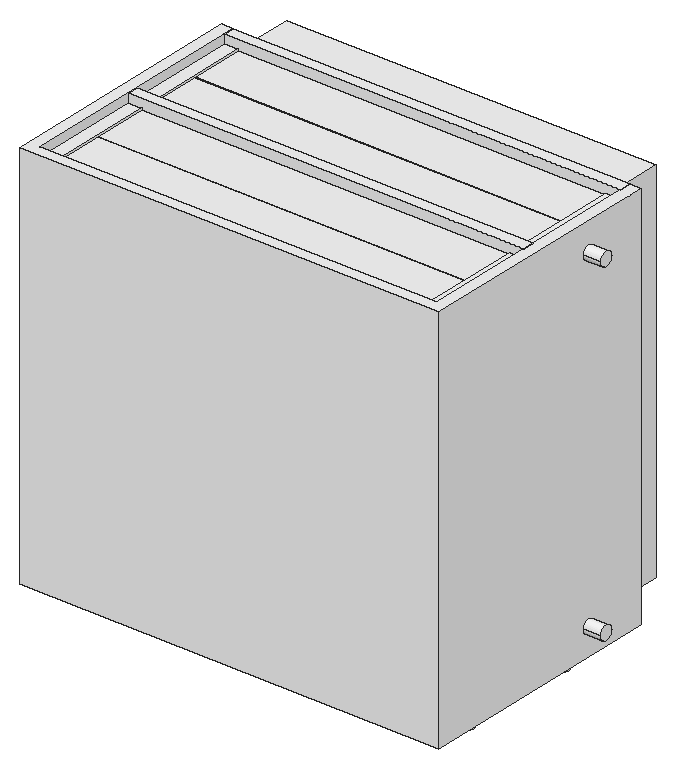
Revit family
Parameters (values of type "TL 2831")
  Width = 217 mm
  URL = "http://viewer.zmags.com/publication/f43ba979"
  Tapping Up Back = not(Tapping)  # yes
  Tapping Height = Height - 40 mm  # 240 mm
  Tapping Dim = 15 mm
  Tapping Depth = if(Tap Radius < 5 mm, 13 mm, 17 mm)  # 13 mm
  Tapping Bottom Width = if(Width > 132 mm, 85 mm, 50 mm)  # 85 mm
  Tapping Bottom Front = and(Height = 70 mm, Width > 50 mm)  # no
  Tapping Bottom = Width < 96 mm  # no
  Tapping 2 = and(Width > 132 mm, Height > 70 mm)  # yes
  Tapping = or(Width = 50 mm, or(and(Width = 96 mm, Height > 70 mm), or(and(Width = 132 mm, Height > 70 mm))))  # no
  Tap Radius = 4.8 mm
  Offset from Wall = 233 mm
  Offset Body Back = if(or(Width = 132 mm, or(Width = 217 mm)), 36 mm, 0 mm)  # 36 mm
  Model = "TL 2831"
  Manufacturer = "Meinertz"  # constant formula
  Keynote = "TL 2831"
  Horizontal Line = Height > 70 mm  # yes
  Horizontal Line 2 = Height > 140 mm  # yes
  Height Offset from Floor = 100 mm
  Length = 300 mm
  Height = 280 mm
  Heater = RAL 9016
  Fins Front = and(Width = 50 mm, Add Fins)  # no
  Fins Back = and(or(Width = 132 mm, or(Width = 217 mm)), Add Fins)  # yes
  Fins 2 = and(not(or(Fins 1, or(Width < 96 mm))), Add Fins)  # yes
  Fins 1 = and(Width > 50 mm, Width < 181 mm, Add Fins)  # no
  GoGetNo = 6982  # constant formula
  Fins Width = 78.5 mm
  Fins Height = Height - 7 mm - 8 mm  # 265 mm
  Fins = Fins
  Edge 2 = not(or(Edge, or(Width < 96 mm)))  # yes
  Edge = and(Width > 50 mm, Width < 181 mm)  # no
  Body Back = Width > 50 mm  # yes
  Add Fins = yes
Types (25, lengths in mm): name | Width | URL | Tapping Up Back | Tapping Height | Tapping Bottom Width | Tapping Bottom Front | Tapping Bottom | Tapping 2 | Tapping | Offset from Wall | Offset Body Back | Model | Keynote | Horizontal Line | Horizontal Line 2 | Height | Fins Front | Fins Back | Fins 2 | Fins 1 | Fins Width | Fins Height | Edge 2 | Edge | Body Back | Add Fins
  (no name) | 217 | "http://viewer.zmags.com/publication/f43ba979" | yes | 240 | 85 | no | no | yes | no | 233 | 36 | "TL 2831" | "TL 2831" | yes | yes | 280 | no | yes | yes | no | 78.5 | 265 | yes | no | yes | yes
  TL 0720 | 96 | "http://viewer.zmags.com/publication/f43ba979" | yes | 30 | 50 | yes | no | no | no | 116 | 0 | "TL 0720" | "TL 0720" | no | no | 70 | no | no | no | yes | 80 | 55 | no | yes | yes | yes
  TL 1420 | 96 | "http://viewer.zmags.com/publication/f43ba979" | no | 100 | 50 | no | no | no | yes | 116 | 0 | "TL 1420" | "TL 1420" | yes | no | 140 | no | no | no | yes | 80 | 125 | no | yes | yes | yes
  TL 2120 | 96 | "http://viewer.zmags.com/publication/f43ba979" | no | 170 | 50 | no | no | no | yes | 116 | 0 | "TL 2120" | "TL 2120" | yes | yes | 210 | no | no | no | yes | 80 | 195 | no | yes | yes | yes
  TL 2820 | 96 | "http://viewer.zmags.com/publication/f43ba979" | no | 240 | 50 | no | no | no | yes | 116 | 0 | "TL 2820" | "TL 2820" | yes | yes | 280 | no | no | no | yes | 80 | 265 | no | yes | yes | yes
  TL 0710 | 50 | "http://viewer.zmags.com/publication/f43ba979" | no | 30 | 50 | no | yes | no | yes | 60 | 0 | "TL 0710" | "TL 0710" | no | no | 70 | no | no | no | no | 34 | 55 | no | no | no | no
  TL 1410 | 50 | "http://viewer.zmags.com/publication/f43ba979" | no | 100 | 50 | no | yes | no | yes | 60 | 0 | "TL 1410" | "TL 1410" | yes | no | 140 | no | no | no | no | 34 | 125 | no | no | no | no
  TL 2110 | 50 | "http://viewer.zmags.com/publication/f43ba979" | no | 170 | 50 | no | yes | no | yes | 60 | 0 | "TL 2110" | "TL 2110" | yes | yes | 210 | no | no | no | no | 34 | 195 | no | no | no | no
  TL 2810 | 50 | "http://viewer.zmags.com/publication/f43ba979" | no | 240 | 50 | no | yes | no | yes | 60 | 0 | "TL 2810" | "TL 2810" | yes | yes | 280 | no | no | no | no | 34 | 265 | no | no | no | no
  TL 0711 | 50 | "http://viewer.zmags.com/publication/f43ba979" | no | 30 | 50 | no | yes | no | yes | 67 | 0 | "TL 0711" | "TL 0711" | no | no | 70 | yes | no | no | no | 34 | 55 | no | no | no | yes
  TL 1411 | 50 | "http://viewer.zmags.com/publication/f43ba979" | no | 100 | 50 | no | yes | no | yes | 67 | 0 | "TL 1411" | "TL 1411" | yes | no | 140 | yes | no | no | no | 34 | 125 | no | no | no | yes
  TL 2111 | 50 | "http://viewer.zmags.com/publication/f43ba979" | no | 170 | 50 | no | yes | no | yes | 67 | 0 | "TL 2111" | "TL 2111" | yes | yes | 210 | yes | no | no | no | 34 | 195 | no | no | no | yes
  TL 2811 | 50 | "http://viewer.zmags.com/publication/f43ba979" | no | 240 | 50 | no | yes | no | yes | 67 | 0 | "TL 2811" | "TL 2811" | yes | yes | 280 | yes | no | no | no | 34 | 265 | no | no | no | yes
  TL 0721 | 132 | "http://viewer.zmags.com/publication/f43ba979" | yes | 30 | 50 | yes | no | no | no | 150 | 36 | "TL 0721" | "TL 0721" | no | no | 70 | no | yes | no | yes | 80 | 55 | no | yes | yes | yes
  TL 1421 | 132 | "http://viewer.zmags.com/publication/f43ba979" | no | 100 | 50 | no | no | no | yes | 150 | 36 | "TL 1421" | "TL 1421" | yes | no | 140 | no | yes | no | yes | 80 | 125 | no | yes | yes | yes
  TL 2121 | 132 | "http://viewer.zmags.com/publication/f43ba979" | no | 170 | 50 | no | no | no | yes | 150 | 36 | "TL 2121" | "TL 2121" | yes | yes | 210 | no | yes | no | yes | 80 | 195 | no | yes | yes | yes
  TL 2821 | 132 | "http://viewer.zmags.com/publication/f43ba979" | no | 240 | 50 | no | no | no | yes | 150 | 36 | "TL 2821" | "TL 2821" | yes | yes | 280 | no | yes | no | yes | 80 | 265 | no | yes | yes | yes
  TL 0730 | 181 | "http://viewer.zmags.com/publication/f43ba979" | yes | 30 | 85 | yes | no | no | no | 197 | 0 | "TL 0730" | "TL 0730" | no | no | 70 | no | no | yes | no | 78.5 | 55 | yes | no | yes | yes
  TL 1430 | 181 | "http://viewer.zmags.com/publication/f43ba979" | yes | 100 | 85 | no | no | yes | no | 197 | 0 | "TL 1430" | "TL 1430" | yes | no | 140 | no | no | yes | no | 78.5 | 125 | yes | no | yes | yes
  TL 2130 | 181 | "http://viewer.zmags.com/publication/f43ba979" | yes | 170 | 85 | no | no | yes | no | 197 | 0 | "TL 2130" | "TL 2130" | yes | yes | 210 | no | no | yes | no | 78.5 | 195 | yes | no | yes | yes
  TL 2830 | 181 | "http://viewer.zmags.com/publication/f43ba979" | yes | 240 | 85 | no | no | yes | no | 197 | 0 | "TL 2830" | "TL 2830" | yes | yes | 280 | no | no | yes | no | 78.5 | 265 | yes | no | yes | yes
  TL 0731 | 217 | "http://www.meinertz.com" | yes | 30 | 85 | yes | no | no | no | 233 | 36 | "TL 0731" | "TL 0731" | no | no | 70 | no | yes | yes | no | 78.5 | 55 | yes | no | yes | yes
  TL 1431 | 217 | "http://viewer.zmags.com/publication/f43ba979" | yes | 100 | 85 | no | no | yes | no | 233 | 36 | "TL 1431" | "TL 1431" | yes | no | 140 | no | yes | yes | no | 78.5 | 125 | yes | no | yes | yes
  TL 2131 | 217 | "http://viewer.zmags.com/publication/f43ba979" | yes | 170 | 85 | no | no | yes | no | 233 | 36 | "TL 2131" | "TL 2131" | yes | yes | 210 | no | yes | yes | no | 78.5 | 195 | yes | no | yes | yes
  TL 2831 | 217 | "http://viewer.zmags.com/publication/f43ba979" | yes | 240 | 85 | no | no | yes | no | 233 | 36 | "TL 2831" | "TL 2831" | yes | yes | 280 | no | yes | yes | no | 78.5 | 265 | yes | no | yes | yes
Reference planes
  plane 1 "Center (Front/Back)": y = 0
  plane 2: z = 0
  plane 3 "Center (Left/Right)": x = 0
  plane 4 "bottom": z = 100
  plane 5: y = 108.5
  plane 6: y = -108.5
  plane 7: x = -150
  plane 8: x = 150
  plane 9: y = 64.5
  plane 10: y = -100.5
  plane 11: x = -142
  plane 12: x = 142
  plane 13: z = 380
  plane 14: z = 373
  plane 15: z = 240
  plane 16: z = 360
  plane 17: z = 120
  plane 18: y = 72.5
  plane 19: y = -18
  plane 20: y = -22
  plane 21: y = -14
  plane 22: y = -61.25
  plane 23: y = 25.25
  plane 24: x = -132
  plane 25: x = 132
  plane 26: y = 24.5
  plane 27: y = -60.5
  plane 28 "Wall": y = 124.5
Forms (mm)
  Extrusion 1, solid, material "RAL 9016" <- "Heater"
    sketch origin (0, 0, 100) x (-1, 0, 0) y (0, -1, 0)
      loop
        line (150, -72.5) -> (150, 108.5) -> (-150, 108.5) -> (-150, -72.5) -> (-142, -72.5) -> (-142, 100.5) -> (142, 100.5) -> (142, -72.5) -> (150, -72.5)
    from 0 to 280
  Extrusion 2, solid, material "RAL 9016" <- "Heater", visible <- "Body Back"
    sketch origin (0, 0, 100) x (-1, 0, 0) y (0, -1, 0)
      loop
        line (142, -72.5) -> (142, -64.5) -> (-142, -64.5) -> (-142, -72.5) -> (142, -72.5)
    from 0 to 280
  Extrusion 3, solid, material "RAL 9016" <- "Heater", visible <- "Edge 2"
    sketch origin (0, 0, 100) x (-1, 0, 0) y (0, -1, 0)
      loop
        line (142, 14) -> (142, 22) -> (-142, 22) -> (-142, 14) -> (142, 14)
    from 8 to 280
  Extrusion 4, solid, material "RAL 9016" <- "Heater"
    sketch origin (0, 0, 100) x (-1, 0, 0) y (0, -1, 0)
      loop
        line (142, -72.5) -> (142, 100.5) -> (-142, 100.5) -> (-142, -72.5) -> (142, -72.5)
    from 0 to 8
  Extrusion 5, solid, material "RAL 9016" <- "Heater", visible <- "Tapping Bottom"
    sketch origin (0, 0, 100) x (-1, 0, 0) y (0, -1, 0)
      loop
        line (142, -72.5) -> (142, 100.5) -> (132, 100.5) -> (132, -72.5) -> (142, -72.5)
      loop
        line (-132, -72.5) -> (-132, 100.5) -> (-142, 100.5) -> (-142, -72.5) -> (-132, -72.5)
    from 8 to 274
  Extrusion 6, solid, material "Fins" <- "Fins", visible <- "Fins 1", detail levels fine
    sketch origin (0, 0, 100) x (-1, 0, 0) y (0, -1, 0)
      loop
        line (132, -64.5) -> (132, 100.5) -> (-132, 100.5) -> (-132, -64.5) -> (132, -64.5)
    from 8 to 273
  Extrusion 7, solid, material "Fins" <- "Fins", visible <- "Fins 2", detail levels fine
    sketch origin (0, 0, 100) x (-1, 0, 0) y (0, -1, 0)
      loop
        line (132, 100.5) -> (-132, 100.5) -> (-132, 61.25) -> (132, 61.25) -> (132, 100.5)
      loop
        line (132, 14) -> (-132, 14) -> (-132, -25.25) -> (132, -25.25) -> (132, 14)
    from 8 to 273
  Extrusion 8, solid, material "Fins" <- "Fins", visible <- "Fins 2", detail levels fine
    sketch origin (0, 0, 100) x (-1, 0, 0) y (0, -1, 0)
      loop
        line (132, 22) -> (132, 61.25) -> (-132, 61.25) -> (-132, 22) -> (132, 22)
      loop
        line (132, -64.5) -> (132, -25.25) -> (-132, -25.25) -> (-132, -64.5) -> (132, -64.5)
    from 8 to 273
  Extrusion 9, solid, material "Fins" <- "Fins", visible <- "Fins Front", detail levels fine
    sketch origin (0, 0, 100) x (-1, 0, 0) y (0, -1, 0)
      loop
        line (132, 100.5) -> (-132, 100.5) -> (-132, 58.5) -> (132, 58.5) -> (132, 100.5)
    from 8 to 273
  Extrusion 10, solid, material "Fins" <- "Fins", visible <- "Fins Back", detail levels fine
    sketch origin (0, 88, 100) x (-1, 0, 0) y (0, -1, 0)
      loop
        line (132, 15.5) -> (-132, 15.5) -> (-132, -20.5) -> (132, -20.5) -> (132, 15.5)
    from 8 to 273
  Extrusion 11, solid, material "Tap", visible <- "Tapping Up Back"
    sketch origin (-167, 25.25, 360) x (0, 1, 0) y (0, 0, -1)
      loop
        circle (0, 0) r 4.8
    from -17 to -4
  Extrusion 12, solid, material "Tap", visible <- "Tapping"
    sketch origin (-167, -18, 360) x (0, 1, 0) y (0, 0, -1)
      loop
        circle (0, 0) r 4.8
    from -17 to -4
  Extrusion 13, solid, material "Tap", visible <- "Tapping 2"
    sketch origin (-167, 25.25, 120) x (0, 1, 0) y (0, 0, -1)
      loop
        circle (0, 0) r 4.8
    from -17 to -4
  Extrusion 14, solid, material "Tap", visible <- "Tapping"
    sketch origin (-167, -18, 120) x (0, 1, 0) y (0, 0, -1)
      loop
        circle (0, 0) r 4.8
    from -17 to -4
  Extrusion 15, solid, material "Tap", visible <- "Tapping Bottom Front"
    sketch origin (-167, -61.25, 120) x (0, 1, 0) y (0, 0, -1)
      loop
        circle (0, 0) r 4.8
    from -17 to -4
  Extrusion 16, solid, material "Tap", visible <- "Tapping Up Back"
    sketch origin (167, 25.25, 360) x (0, 1, 0) y (0, 0, 1)
      loop
        circle (0, 0) r 4.8
    from -17 to -4
  Extrusion 17, solid, material "Tap", visible <- "Tapping"
    sketch origin (167, -18, 360) x (0, 1, 0) y (0, 0, 1)
      loop
        circle (0, 0) r 4.8
    from -17 to -4
  Extrusion 18, solid, material "Tap", visible <- "Tapping 2"
    sketch origin (167, 25.25, 120) x (0, 1, 0) y (0, 0, 1)
      loop
        circle (0, 0) r 4.8
    from -17 to -4
  Extrusion 19, solid, material "Tap", visible <- "Tapping"
    sketch origin (167, -18, 120) x (0, 1, 0) y (0, 0, 1)
      loop
        circle (0, 0) r 4.8
    from -17 to -4
  Extrusion 20, solid, material "Tap", visible <- "Tapping Bottom Front"
    sketch origin (167, -61.25, 120) x (0, 1, 0) y (0, 0, 1)
      loop
        circle (0, 0) r 4.8
    from -17 to -4
  Extrusion 21, solid, material "Tap", visible <- "Tapping Bottom"
    sketch origin (132, -18, 87) x (0, 1, 0) y (-1, 0, 0)
      loop
        circle (0, 264) r 4.8
    from 0 to 13
  Extrusion 22, solid, material "Tap", visible <- "Body Back"
    sketch origin (-132, -60.5, 87) x (0, 1, 0) y (-1, 0, 0)
      loop
        circle (0, 0) r 4.8
    from 0 to 13
  Extrusion 23, solid, material "Tap", visible <- "Body Back"
    sketch origin (-132, 24.5, 87) x (0, 1, 0) y (-1, 0, 0)
      loop
        circle (0, 0) r 4.8
    from 0 to 13
  Extrusion 24, solid, material "Tap", visible <- "Tapping Bottom"
    sketch origin (-132, -18, 87) x (0, -1, 0) y (1, 0, 0)
      loop
        circle (0, 264) r 4.8
    from 0 to 13
  Extrusion 25, solid, material "Tap", visible <- "Body Back"
    sketch origin (132, -60.5, 87) x (0, -1, 0) y (1, 0, 0)
      loop
        circle (0, 0) r 4.8
    from 0 to 13
  Extrusion 26, solid, material "Tap", visible <- "Body Back"
    sketch origin (132, 24.5, 87) x (0, -1, 0) y (1, 0, 0)
      loop
        circle (0, 0) r 4.8
    from 0 to 13
Cuts and joins
  joined: Extrusion 1, Extrusion 4
Lines and regions (mm)
  symbolic lines
    curve 1: line (-150, 0, 170) -> (150, 0, 170)
  symbolic lines, visible <- "Horizontal Line"
    curve 2: line (-150, 0, 240) -> (150, 0, 240)
  symbolic lines, visible <- "Horizontal Line 2"
    curve 3: line (-150, 0, 310) -> (150, 0, 310)
Dimensions and locks
  locked: plane 7 to plane 11 at 8
  locked: plane 12 to plane 8 at 8
  equal spacing: plane 7, plane 3 "Center (Left/Right)", plane 8
  equal spacing: plane 6, plane 1 "Center (Front/Back)", plane 5
  "Length": plane 7 to plane 8
  "Width": plane 5 to plane 6
  "Height": plane 13 to plane 4 "bottom"
  "Height Offset from Floor": plane 4 "bottom" to plane 2
  locked: plane 13 to plane 14 at 7
  equal spacing: plane 13, plane 15, plane 4 "bottom"
  equal spacing: plane 16, plane 15, plane 17
  "Tapping Height": plane 16 to plane 17
  group 1 to group 2 = 0 mm  (x2)
  group 1 to group 2 = 70 mm
  curve 3 to curve 2 to curve 1 to plane 4 "bottom" = 70 mm locked, 70 mm locked, 70 mm locked
  locked: plane 9 to plane 18 at 8
  locked: plane 10 to plane 6 at 8
  "Offset Body Back": plane 5 to plane 18
  equal spacing: plane 18, plane 19, plane 6
  plane 21 to plane 19 to plane 20 = 4 mm locked, 4 mm locked
  locked: plane 24 to plane 7 at 18
  locked: plane 25 to plane 8 at 18
  equal spacing: plane 26, plane 19, plane 27
  equal spacing: plane 20, plane 22, plane 10
  equal spacing: plane 9, plane 23, plane 21
  "Tapping Bottom Width": plane 26 to plane 27
  "Offset from Wall": plane 28 "Wall" to plane 6
  locked: Extrusion 5 to plane 14 at 1
  locked: Extrusion 9 sketch curve to plane 10 at 42
  locked: Extrusion 10 sketch curve to plane 18 at 36
  "Tapping Depth": Extrusion 11 to cut or joined group of Extrusion 1, Extrusion 4
  "Tapping Depth": Extrusion 22 to cut or joined group of Extrusion 1, Extrusion 4
  "Tapping Depth": Extrusion 21 to cut or joined group of Extrusion 1, Extrusion 4
  "Tapping Depth": Extrusion 23 to cut or joined group of Extrusion 1, Extrusion 4
  "Tap Radius": radius of Extrusion 11 sketch curve
  "Tap Radius": radius of Extrusion 12 sketch curve
  "Tap Radius": radius of Extrusion 13 sketch curve
  "Tap Radius": radius of Extrusion 14 sketch curve
  "Tap Radius": radius of Extrusion 15 sketch curve
  "Tap Radius": radius of Extrusion 16 sketch curve
  "Tap Radius": radius of Extrusion 17 sketch curve
  "Tap Radius": radius of Extrusion 18 sketch curve
  "Tap Radius": radius of Extrusion 19 sketch curve
  "Tap Radius": radius of Extrusion 20 sketch curve
  "Tap Radius": radius of Extrusion 21 sketch curve
  "Tap Radius": radius of Extrusion 22 sketch curve
  "Tap Radius": radius of Extrusion 23 sketch curve
  "Tap Radius": radius of Extrusion 24 sketch curve
  "Tap Radius": radius of Extrusion 25 sketch curve
  "Tap Radius": radius of Extrusion 26 sketch curve
  aligned and locked: plane 7 to Extrusion 1 sketch curve
  aligned and locked: plane 6 to Extrusion 1 sketch curve
  aligned and locked: plane 8 to Extrusion 1 sketch curve
  aligned and locked: plane 11 to Extrusion 1 sketch curve
  aligned and locked: plane 12 to Extrusion 1 sketch curve
  aligned and locked: plane 13 to Extrusion 1
  aligned and locked: plane 7 to curve 1
  aligned and locked: plane 8 to curve 1
  aligned and locked: plane 12 to Extrusion 2 sketch curve
  aligned and locked: plane 11 to Extrusion 2 sketch curve
  aligned and locked: plane 13 to Extrusion 2
  aligned and locked: plane 10 to Extrusion 1 sketch curve
  aligned and locked: Extrusion 2 sketch curve to plane 18
  aligned and locked: Extrusion 2 sketch curve to plane 9
  aligned and locked: Extrusion 1 sketch curve to plane 18
  aligned and locked: plane 18 to Extrusion 1 sketch curve
  aligned and locked: Extrusion 3 sketch curve to plane 21
  aligned and locked: plane 20 to Extrusion 3 sketch curve
  aligned and locked: plane 11 to Extrusion 3 sketch curve
  aligned and locked: plane 12 to Extrusion 3 sketch curve
  aligned and locked: plane 13 to Extrusion 3
  aligned and locked: plane 10 to Extrusion 4 sketch curve
  aligned and locked: plane 11 to Extrusion 4 sketch curve
  aligned and locked: plane 12 to Extrusion 4 sketch curve
  aligned and locked: plane 10 to Extrusion 5 sketch curve  (x2)
  aligned and locked: Extrusion 5 sketch curve to plane 24
  aligned and locked: plane 11 to Extrusion 5 sketch curve
  aligned and locked: Extrusion 5 sketch curve to plane 25
  aligned and locked: plane 12 to Extrusion 5 sketch curve
  aligned and locked: plane 9 to Extrusion 6 sketch curve
  aligned and locked: plane 10 to Extrusion 6 sketch curve
  aligned and locked: plane 24 to Extrusion 6 sketch curve
  aligned and locked: plane 25 to Extrusion 6 sketch curve
  aligned and locked: plane 14 to Extrusion 6
  aligned and locked: Extrusion 7 sketch curve to plane 10
  aligned and locked: plane 22 to Extrusion 7 sketch curve
  aligned and locked: Extrusion 7 sketch curve to Extrusion 5  (x3)
  aligned and locked: Extrusion 7 sketch curve to plane 21
  aligned and locked: plane 23 to Extrusion 7 sketch curve
  aligned and locked: Extrusion 6 to Extrusion 7 sketch curve
  aligned and locked: plane 14 to Extrusion 7
  aligned and locked: plane 20 to Extrusion 8 sketch curve
  aligned and locked: Extrusion 5 to Extrusion 8 sketch curve  (x2)
  aligned and locked: Extrusion 8 sketch curve to Extrusion 5  (x2)
  aligned and locked: Extrusion 8 sketch curve to plane 22
  aligned and locked: plane 23 to Extrusion 8 sketch curve
  aligned and locked: plane 9 to Extrusion 8 sketch curve
  aligned and locked: plane 14 to Extrusion 8
  aligned and locked: Extrusion 9 sketch curve to plane 10
  aligned and locked: Extrusion 9 sketch curve to Extrusion 5  (x2)
  aligned and locked: plane 14 to Extrusion 9
  aligned and locked: Extrusion 10 sketch curve to plane 18
  aligned and locked: Extrusion 10 sketch curve to Extrusion 5
  aligned and locked: Extrusion 6 to Extrusion 10 sketch curve
  aligned and locked: plane 14 to Extrusion 10
  aligned and locked: Extrusion 5 sketch curve to plane 18  (x2)
  aligned and locked: Extrusion 4 sketch curve to plane 18
  aligned and locked: plane 3 "Center (Left/Right)" to nested 1
  aligned and locked: plane 14 to nested 1
  aligned and locked: plane 19 to nested 1
  aligned and locked: plane 14 to nested 2
  aligned and locked: plane 3 "Center (Left/Right)" to nested 2
  aligned and locked: plane 22 to nested 2
  aligned and locked: plane 3 "Center (Left/Right)" to nested 3
  aligned and locked: plane 14 to nested 3
  aligned and locked: nested 3 to plane 23
  aligned and locked: plane 7 to Extrusion 11
  aligned and locked: plane 4 "bottom" to Extrusion 21
Automatic sketch dimensions
  curve 3 to plane 7 = 0 mm
  curve 2 to plane 7 = 0 mm
  curve 2 to plane 8 = 0 mm
  curve 3 to plane 8 = 0 mm
  Extrusion 11 sketch curve to plane 16 = 0 mm
  Extrusion 11 sketch curve to plane 23 = 0 mm
  Extrusion 12 sketch curve to plane 16 = 0 mm
  Extrusion 12 sketch curve to plane 19 = 0 mm
  Extrusion 13 sketch curve to plane 17 = 0 mm
  Extrusion 13 sketch curve to plane 23 = 0 mm
  Extrusion 14 sketch curve to plane 17 = 0 mm
  Extrusion 14 sketch curve to plane 19 = 0 mm
  Extrusion 15 sketch curve to plane 17 = 0 mm
  Extrusion 15 sketch curve to plane 22 = 0 mm
  Extrusion 16 sketch curve to plane 16 = 0 mm
  Extrusion 16 sketch curve to plane 23 = 0 mm
  Extrusion 17 sketch curve to plane 16 = 0 mm
  Extrusion 17 sketch curve to plane 19 = 0 mm
  Extrusion 18 sketch curve to plane 17 = 0 mm
  Extrusion 18 sketch curve to plane 23 = 0 mm
  Extrusion 19 sketch curve to plane 17 = 0 mm
  Extrusion 19 sketch curve to plane 19 = 0 mm
  Extrusion 20 sketch curve to plane 17 = 0 mm
  Extrusion 20 sketch curve to plane 22 = 0 mm
  Extrusion 22 sketch curve to plane 24 = 0 mm
  Extrusion 22 sketch curve to plane 27 = 0 mm
  Extrusion 23 sketch curve to plane 24 = 0 mm
  Extrusion 23 sketch curve to plane 26 = 0 mm
  Extrusion 25 sketch curve to plane 25 = 0 mm
  Extrusion 25 sketch curve to plane 27 = 0 mm
  Extrusion 26 sketch curve to plane 25 = 0 mm
  Extrusion 26 sketch curve to plane 26 = 0 mm
  Extrusion 21 sketch curve to plane 19 = 0 mm
  Extrusion 21 sketch curve to plane 24 = 0 mm
  Extrusion 24 sketch curve to plane 19 = 0 mm
  Extrusion 24 sketch curve to plane 25 = 0 mm
Nested families
  nested 1: "Fins" at (0, 31.6, 108), visible <- "Edge", type "Fins"
    with Fins Height 265 mm
  nested 2: "Fins" at (0, -11.65, 108), visible <- "Edge 2", type "Fins"
    with Fins Height 265 mm
  nested 3: "Fins" at (0, 74.85, 108), visible <- "Edge 2", type "Fins"
    with Fins Height 265 mm
Connectors
  piping at (-163, -18, 360), driven by "Tap Radius"
    settings: on Extrusion 12, index 1, connector radius 4.8 mm, flow factor 0, pipe flow 0.0 L/s, pressure drop 0.0 Pa, fitting loss kfactor 0, connector angle 0.00°, fixture units 0, flow configuration 1, flow direction 2, fitting loss method 0, system type 22, connector reference index -1, connector utility 0, adjustable connector no, is connector primary yes, fitting loss table "", connector description "A"
  piping at (-163, 25.25, 360), driven by "Tap Radius"
    settings: on Extrusion 11, index 2, connector radius 4.8 mm, flow factor 0, pipe flow 0.0 L/s, pressure drop 0.0 Pa, fitting loss kfactor 0, connector angle 0.00°, fixture units 0, flow configuration 1, flow direction 2, fitting loss method 0, system type 22, connector reference index -1, connector utility 0, adjustable connector no, is connector primary no, fitting loss table "", connector description "A"
  piping at (-163, -61.25, 120), driven by "Tap Radius"
    settings: on Extrusion 15, index 3, connector radius 4.8 mm, flow factor 0, pipe flow 0.0 L/s, pressure drop 0.0 Pa, fitting loss kfactor 0, connector angle 0.00°, fixture units 0, flow configuration 1, flow direction 1, fitting loss method 0, system type 22, connector reference index -1, connector utility 0, adjustable connector no, is connector primary no, fitting loss table "", connector description "B"
  piping at (-163, -18, 120), driven by "Tap Radius"
    settings: on Extrusion 14, index 4, connector radius 4.8 mm, flow factor 0, pipe flow 0.0 L/s, pressure drop 0.0 Pa, fitting loss kfactor 0, connector angle 0.00°, fixture units 0, flow configuration 1, flow direction 1, fitting loss method 0, system type 22, connector reference index -1, connector utility 0, adjustable connector no, is connector primary no, fitting loss table "", connector description "B"
  piping at (-163, 25.25, 120), driven by "Tap Radius"
    settings: on Extrusion 13, index 5, connector radius 4.8 mm, flow factor 0, pipe flow 0.0 L/s, pressure drop 0.0 Pa, fitting loss kfactor 0, connector angle 0.00°, fixture units 0, flow configuration 1, flow direction 1, fitting loss method 0, system type 22, connector reference index -1, connector utility 0, adjustable connector no, is connector primary no, fitting loss table "", connector description "B"
  piping at (163, -18, 360), driven by "Tap Radius"
    settings: on Extrusion 17, index 6, connector radius 4.8 mm, flow factor 0, pipe flow 0.0 L/s, pressure drop 0.0 Pa, fitting loss kfactor 0, connector angle 0.00°, fixture units 0, flow configuration 1, flow direction 2, fitting loss method 0, system type 22, connector reference index -1, connector utility 0, adjustable connector no, is connector primary no, fitting loss table "", connector description "C"
  piping at (163, 25.25, 360), driven by "Tap Radius"
    settings: on Extrusion 16, index 7, connector radius 4.8 mm, flow factor 0, pipe flow 0.0 L/s, pressure drop 0.0 Pa, fitting loss kfactor 0, connector angle 0.00°, fixture units 0, flow configuration 1, flow direction 1, fitting loss method 0, system type 22, connector reference index -1, connector utility 0, adjustable connector no, is connector primary no, fitting loss table "", connector description "C"
  piping at (163, -61.25, 120), driven by "Tap Radius"
    settings: on Extrusion 20, index 8, connector radius 4.8 mm, flow factor 0, pipe flow 0.0 L/s, pressure drop 0.0 Pa, fitting loss kfactor 0, connector angle 0.00°, fixture units 0, flow configuration 1, flow direction 2, fitting loss method 0, system type 22, connector reference index -1, connector utility 0, adjustable connector no, is connector primary no, fitting loss table "", connector description "D"
  piping at (163, -18, 120), driven by "Tap Radius"
    settings: on Extrusion 19, index 9, connector radius 4.8 mm, flow factor 0, pipe flow 0.0 L/s, pressure drop 0.0 Pa, fitting loss kfactor 0, connector angle 0.00°, fixture units 0, flow configuration 1, flow direction 2, fitting loss method 0, system type 22, connector reference index -1, connector utility 0, adjustable connector no, is connector primary no, fitting loss table "", connector description "D"
  piping at (163, 25.25, 120), driven by "Tap Radius"
    settings: on Extrusion 18, index 10, connector radius 4.8 mm, flow factor 0, pipe flow 0.0 L/s, pressure drop 0.0 Pa, fitting loss kfactor 0, connector angle 0.00°, fixture units 0, flow configuration 1, flow direction 2, fitting loss method 0, system type 22, connector reference index -1, connector utility 0, adjustable connector no, is connector primary no, fitting loss table "", connector description "D"
  piping at (-132, -18, 87), driven by "Tap Radius"
    settings: on Extrusion 21, index 11, connector radius 4.8 mm, flow factor 0, pipe flow 0.0 L/s, pressure drop 0.0 Pa, fitting loss kfactor 0, connector angle 0.00°, fixture units 0, flow configuration 1, flow direction 1, fitting loss method 0, system type 22, connector reference index -1, connector utility 0, adjustable connector no, is connector primary no, fitting loss table "", connector description "E"
  piping at (-132, -60.5, 87), driven by "Tap Radius"
    settings: on Extrusion 22, index 12, connector radius 4.8 mm, flow factor 0, pipe flow 0.0 L/s, pressure drop 0.0 Pa, fitting loss kfactor 0, connector angle 0.00°, fixture units 0, flow configuration 1, flow direction 1, fitting loss method 0, system type 22, connector reference index -1, connector utility 0, adjustable connector no, is connector primary no, fitting loss table "", connector description "E"
  piping at (-132, 24.5, 87), driven by "Tap Radius"
    settings: on Extrusion 23, index 13, connector radius 4.8 mm, flow factor 0, pipe flow 0.0 L/s, pressure drop 0.0 Pa, fitting loss kfactor 0, connector angle 0.00°, fixture units 0, flow configuration 1, flow direction 1, fitting loss method 0, system type 22, connector reference index -1, connector utility 0, adjustable connector no, is connector primary no, fitting loss table "", connector description "E"
  piping at (132, 24.5, 87), driven by "Tap Radius"
    settings: on Extrusion 26, index 14, connector radius 4.8 mm, flow factor 0, pipe flow 0.0 L/s, pressure drop 0.0 Pa, fitting loss kfactor 0, connector angle 0.00°, fixture units 0, flow configuration 1, flow direction 2, fitting loss method 0, system type 22, connector reference index -1, connector utility 0, adjustable connector no, is connector primary no, fitting loss table "", connector description "F"
  piping at (132, -18, 87), driven by "Tap Radius"
    settings: on Extrusion 24, index 15, connector radius 4.8 mm, flow factor 0, pipe flow 0.0 L/s, pressure drop 0.0 Pa, fitting loss kfactor 0, connector angle 0.00°, fixture units 0, flow configuration 1, flow direction 2, fitting loss method 0, system type 22, connector reference index -1, connector utility 0, adjustable connector no, is connector primary no, fitting loss table "", connector description "F"
  piping at (132, -60.5, 87), driven by "Tap Radius"
    settings: on Extrusion 25, index 16, connector radius 4.8 mm, flow factor 0, pipe flow 0.0 L/s, pressure drop 0.0 Pa, fitting loss kfactor 0, connector angle 0.00°, fixture units 0, flow configuration 1, flow direction 2, fitting loss method 0, system type 22, connector reference index -1, connector utility 0, adjustable connector no, is connector primary no, fitting loss table "", connector description "F"
Definition of nested family "Fins"
  Parameters (values of type "Fins")
    Fins Width = 78.5 mm
    Fins Length = 300 mm
    Fins Height = 55 mm
    Fins = Fins
    Assembly Code = ""
    Add Fins = yes
  Reference planes
    plane 1 "Center (Front/Back)": y = -49.6
    plane 2: z = 0
    plane 3 "Center (Left/Right)": x = 0
    plane 4: x = -150
    plane 5: x = 150
    plane 6: y = -10.35
    plane 7: y = -88.85
    plane 8: z = 55
    plane 9: z = 56
  Forms (mm)
    Extrusion 1, void
      sketch origin (0, 0, 0) x (1, 0, 0) y (0, 1, 0)
        loop
          line (-200, -10.35) -> (-200, -88.85) -> (-142, -88.85) -> (-142, -10.35) -> (-200, -10.35)
        loop
          line (200, -10.35) -> (142, -10.35) -> (142, -88.85) -> (200, -88.85) -> (200, -10.35)
      from 0 to 56
    Extrusion 2, solid, material "Fins" <- "Fins", visible <- "Add Fins"
      sketch origin (0, 0, 0) x (1, 0, 0) y (0, 1, 0)
        loop
          line (-150, -10.35) -> (-150, -88.85) -> (-132, -88.85) -> (-132, -10.35) -> (-150, -10.35)
        loop
          line (150, -10.35) -> (132, -10.35) -> (132, -88.85) -> (150, -88.85) -> (150, -10.35)
      from 0 to 56
  Cuts and joins
    Extrusion 1 cuts Extrusion 2
  Dimensions and locks
    "Fins Length": plane 4 to plane 5
    equal spacing: plane 4, plane 3 "Center (Left/Right)", plane 5
    "Fins Width": plane 6 to plane 7
    equal spacing: plane 6, plane 1 "Center (Front/Back)", plane 7
    "Fins Height": plane 8 to plane 2
    locked: Extrusion 1 sketch curve to plane 4 at 50
    locked: plane 5 to Extrusion 1 sketch curve at 50
    locked: plane 4 to Extrusion 2 sketch curve at 18
    locked: Extrusion 2 sketch curve to plane 5 at 18
    locked: plane 9 to plane 8 at 1
    locked: plane 4 to Extrusion 1 sketch curve at 8
    locked: Extrusion 1 sketch curve to plane 5 at 8
    aligned and locked: plane 6 to Extrusion 1 sketch curve
    aligned and locked: plane 7 to Extrusion 1 sketch curve
    aligned and locked: Extrusion 1 sketch curve to plane 6
    aligned and locked: Extrusion 1 sketch curve to plane 7
    aligned and locked: plane 4 to Extrusion 2 sketch curve
    aligned and locked: plane 6 to Extrusion 2 sketch curve
    aligned and locked: plane 7 to Extrusion 2 sketch curve
    aligned and locked: plane 5 to Extrusion 2 sketch curve
    aligned and locked: plane 9 to Extrusion 2
    aligned and locked: Extrusion 1 to Extrusion 2
  Automatic sketch dimensions
    Extrusion 2 sketch curve to plane 7 = 0 mm
    Extrusion 2 sketch curve to plane 6 = 0 mm
